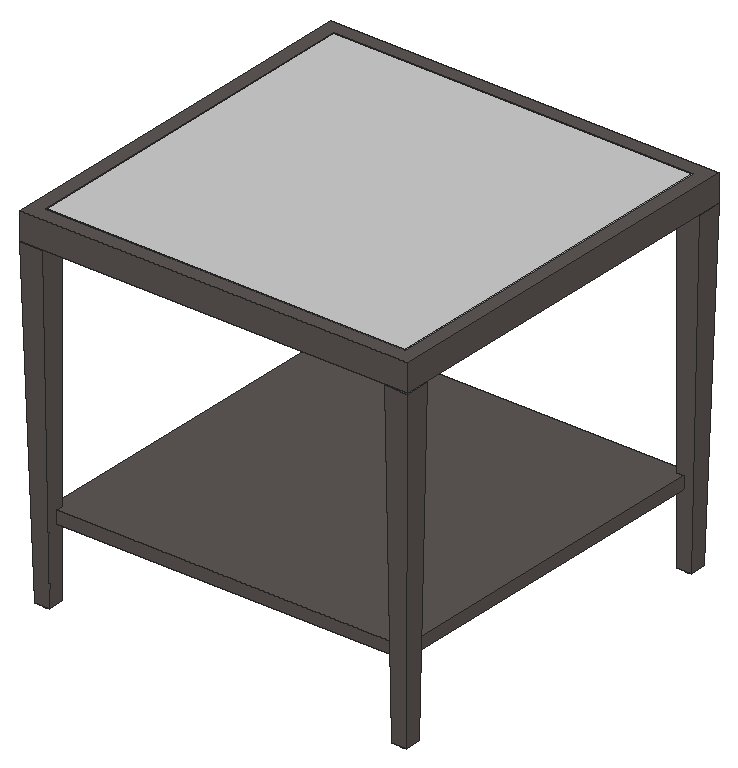
Revit family
Parameters
  URL = "http://www.martinbrattrud.com"
  Table Top [instance] = none
  SCS Certified Product = "Yes"
  Model = "Knightswood 2210-24SH"
  Manufacturer = "Martin Brattrud, Inc."
  Table Wood [instance] = none
  Leg [instance] = none
  Keynote = "125000"
  Copyright = "© 2013 Martin Brattrud, Inc."
  Authoring Version = "Revit Architecture 2010"
  Assembly Code = "E2020200"
Reference planes (in)
  plane 1 "Center Front/Back": y = 0
  plane 2: z = 0
  plane 3 "Center Left/Right": x = 0
Forms (in)
  Extrusion 1, solid, material <- "Table Top"
    sketch origin (0, 0, 0) x (1, 0, 0) y (0, 1, 0)
      loop
        line (-11.09375, 11.09375) -> (-11.09375, -11.09375) -> (11.09375, -11.09375) -> (11.09375, 11.09375) -> (-11.09375, 11.09375)
    from 21.5 to 22
  Extrusion 2, solid, material <- "Table Wood"
    sketch origin (-0.065, 0, 0) x (1, 0, 0) y (0, 1, 0)
      loop
        line (-10.4975, 10.5625) -> (-10.4975, 11.875) -> (-11.81, 11.875) -> (-11.81, 10.5625) -> (-10.4975, 10.5625)
      loop
        line (10.6275, 10.5625) -> (11.94, 10.5625) -> (11.94, 11.875) -> (10.6275, 11.875) -> (10.6275, 10.5625)
      loop
        line (-10.4975, -10.5625) -> (-11.81, -10.5625) -> (-11.81, -11.875) -> (-10.4975, -11.875) -> (-10.4975, -10.5625)
      loop
        line (10.6275, -10.5625) -> (10.6275, -11.875) -> (11.94, -11.875) -> (11.94, -10.5625) -> (10.6275, -10.5625)
    from 20.25 to 20.3125
  Blend 3, solid, material <- "Table Wood"
    base sketch origin (-11.2525, -1.96742, 0) x (0, 1, 0) y (-1, 0, 0)
      loop
        line (-8.59508, 0.7475) -> (-10.03258, 0.7475) -> (-10.03258, -0.69) -> (-8.59508, -0.69) -> (-8.59508, 0.7475)
    top sketch origin (-11.2525, -1.96742, 0) x (0, 1, 0) y (-1, 0, 0)
      loop
        line (-8.59508, 0.2475) -> (-9.53258, 0.2475) -> (-9.53258, -0.69) -> (-8.59508, -0.69) -> (-8.59508, 0.2475)
    from 20.25 to 0.25
  Revolve 4, solid
    sketch origin (-11.03125, -11.03125, 0) x (0, -1, 0) y (0, 0, 1)
      loop
        line (0, 0.25) -> (0, 0) -> (0.125, 0)
        arc (0.125, 0) -> (0.21339, 0.03661) -> (0.25, 0.125) r 0.125
        line (0.25, 0.125) -> (0.25, 0.25) -> (0, 0.25)
      axis (0, 0.25) -> (0, 0)
    angle from 0 to 360
  Extrusion 5, solid, material <- "Table Wood"
    sketch origin (0, 0, 0) x (1, 0, 0) y (0, 1, 0)
      loop
        line (-11, 11) -> (-11, -11) -> (11, -11) -> (11, 11) -> (-11, 11)
    from 4.75 to 5.5
  Blend 6, solid, material <- "Table Wood"
    base sketch origin (-11.2525, 1.96742, 0) x (0, -1, 0) y (1, 0, 0)
      loop
        line (-8.59508, -0.7475) -> (-8.59508, 0.69) -> (-10.03258, 0.69) -> (-10.03258, -0.7475) -> (-8.59508, -0.7475)
    top sketch origin (-11.2525, 1.96742, 0) x (0, -1, 0) y (1, 0, 0)
      loop
        line (-8.59508, -0.2475) -> (-8.59508, 0.69) -> (-9.53258, 0.69) -> (-9.53258, -0.2475) -> (-8.59508, -0.2475)
    from 20.25 to 0.25
  Blend 7, solid, material <- "Table Wood"
    base sketch origin (11.2525, -1.96742, 0) x (0, 1, 0) y (-1, 0, 0)
      loop
        line (-8.59508, -0.7475) -> (-8.59508, 0.69) -> (-10.03258, 0.69) -> (-10.03258, -0.7475) -> (-8.59508, -0.7475)
    top sketch origin (11.2525, -1.96742, 0) x (0, 1, 0) y (-1, 0, 0)
      loop
        line (-8.59508, -0.2475) -> (-8.59508, 0.69) -> (-9.53258, 0.69) -> (-9.53258, -0.2475) -> (-8.59508, -0.2475)
    from 20.25 to 0.25
  Blend 8, solid, material <- "Table Wood"
    base sketch origin (11.2525, 1.96742, 0) x (0, -1, 0) y (1, 0, 0)
      loop
        line (-8.59508, 0.7475) -> (-10.03258, 0.7475) -> (-10.03258, -0.69) -> (-8.59508, -0.69) -> (-8.59508, 0.7475)
    top sketch origin (11.2525, 1.96742, 0) x (0, -1, 0) y (1, 0, 0)
      loop
        line (-8.59508, 0.2475) -> (-9.53258, 0.2475) -> (-9.53258, -0.69) -> (-8.59508, -0.69) -> (-8.59508, 0.2475)
    from 20.25 to 0.25
  Sweep 9, solid, material <- "Table Wood"
    path origin (0, 0, 0) x (1, 0, 0) y (0, 1, 0)
      loop
        line (-12, 12) -> (-12, -12) -> (12, -12) -> (12, 12) -> (-12, 12)
    profile origin (-12, 0, 0) x (1, 0, 0) y (0, 0, 1)
      loop
        line (0, 22) -> (0, 20.3125) -> (1.375, 20.3125) -> (1.375, 21.5) -> (0.875, 21.5) -> (0.875, 22) -> (0, 22)
  Revolve 10, solid
    sketch origin (11.03125, -11.03125, 0) x (0, -1, 0) y (0, 0, 1)
      loop
        line (0, 0.25) -> (0, 0) -> (0.125, 0)
        arc (0.125, 0) -> (0.21339, 0.03661) -> (0.25, 0.125) r 0.125
        line (0.25, 0.125) -> (0.25, 0.25) -> (0, 0.25)
      axis (0, 0.25) -> (0, 0)
    angle from 0 to 360
  Revolve 11, solid
    sketch origin (-11.03125, 11.03125, 0) x (0, 1, 0) y (0, 0, 1)
      loop
        line (0, 0.25) -> (0, 0) -> (0.125, 0)
        arc (0.125, 0) -> (0.21339, 0.03661) -> (0.25, 0.125) r 0.125
        line (0.25, 0.125) -> (0.25, 0.25) -> (0, 0.25)
      axis (0, 0.25) -> (0, 0)
    angle from 0 to 360
  Revolve 12, solid
    sketch origin (11.03125, 11.03125, 0) x (0, 1, 0) y (0, 0, -1)
      loop
        line (0, -0.25) -> (0.25, -0.25) -> (0.25, -0.125)
        arc (0.25, -0.125) -> (0.21339, -0.03661) -> (0.125, 0) r 0.125
        line (0.125, 0) -> (0, 0) -> (0, -0.25)
      axis (0, -0.25) -> (0, 0)
    angle from 0 to 360
